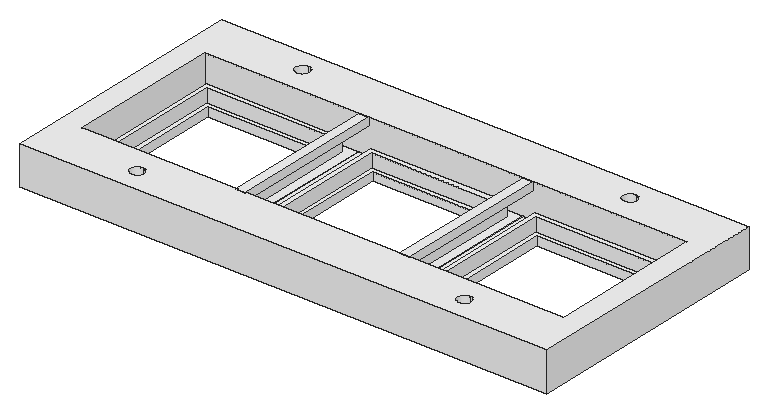
Revit family "Gira_021366", category Electrical Fixtures, host Face, Revit 2017
Family settings
  Host = Face
  Maintain Annotation Orientation = No
  Round Connector Dimension = Use Diameter
  Part Type = Normal
  Cut with Voids When Loaded = No
  Shared = No
  Room Calculation Point = No
Parameters (values of type "Abdeckrahmen 3f Gira TX_44 (WG UP) Reinweiß")
  Werkstoffgüte = "Thermoplast"
  Werkstoff = "Kunststoff"
  URL = "http://katalog.gira.de/de_DE/datenblatt.html?artikelnr=021366"
  Transparent = "No"
  Textfeld/Beschriftungsfläche = "No"
  Schutzart (IP) = "IP44"
  Region = "DE"
  RAL-Nummer (ähnlich) = "9010 "
  Oberfläche = "sonstige"
  Name = "Abdeckrahmen 3f Gira TX_44 (WG UP) Reinweiß"
  Montagerichtung = "horizontal und vertikal"
  Mit Montagerahmen = "No"
  Mit Klappdeckel = "No"
  Manufacturer URL = "https://www.gira.de/"
  Keynote = "TX44_Rahmen_3fach"
  HeinzeBIM = "https://bimportal.heinze.de/bim/abdeckrahmen-3f-gira-tx-44-wg-up-reinweiss/190dc6e14e4f2ee7ac2dabac4c27596cc44a0598"
  Halogenfrei = "No"
  HAN = "021366"
  Geeignet für Unterputz-Installation = "Yes"
  Geeignet für Unterflurkanaldose = "No"
  Geeignet für Geräteeinbaukanal = "No"
  Geeignet für Einbauinstallation = "No"
  GTIN = "4010337213666"
  Farbe = "weiß"
  Default Elevation = 1219.2 mm
  Data sheet (1) = "https://katalog.gira.de/de_DE/download.html?artikelnr=021366"
  Category = "Abdeckrahmen"
  Befestigungsart = "Klemmbefestigung"
  Available = "Yes"
  Anzahl der Einheiten vertikal = "3 "
  Anzahl der Einheiten horizontal = "3 "
  Anzahl der Einheiten = "3 "
Reference planes
  plane 1 "Center (Front/Back)": y = 0
  plane 2: z = 0
  plane 3 "Center (Left/Right)": x = 0
  plane 4: x = -33.75
  plane 5: x = -37.75
  plane 6: x = 114.5
Forms (mm)
  Extrusion 1, solid, material "White", detail levels fine
    sketch origin (-71.591, 0, 0) x (0, -1, 0) y (1, 0, 0)
      loop
        line (-54.959, 186.091) -> (-54.959, -42.909) -> (54.959, -42.909) -> (54.959, 186.091) -> (-54.959, 186.091)
      loop
        line (-33.5, -33.5) -> (33.5, -33.5) -> (33.5, 176.683) -> (-33.5, 176.683) -> (-33.5, -33.5)
      loop
        circle (-45, -0.006) r 3
      loop
        circle (44.992, 0.001) r 3
      loop
        circle (-45, 142.594) r 3
      loop
        circle (44.992, 142.601) r 3
    from 0 to 16.9
  Extrusion 2, solid, material "White", detail levels fine
    sketch origin (-71.591, 0, 0) x (0, -1, 0) y (1, 0, 0)
      loop
        line (-25.5, 25.5) -> (-25.5, -25.5) -> (25.5, -25.5) -> (25.5, 25.5) -> (-25.5, 25.5)
      loop
        line (-33.5, 33.5) -> (-33.5, -33.5) -> (33.5, -33.5) -> (33.5, 33.5) -> (-33.5, 33.5)
    from -1.6 to 2
  Extrusion 3, solid, material "White", detail levels fine
    sketch origin (-71.591, 0, 0) x (0, -1, 0) y (1, 0, 0)
      loop
        line (-27.5, 27.5) -> (-27.5, -27.5) -> (27.5, -27.5) -> (27.5, 27.5) -> (-27.5, 27.5)
      loop
        line (-29.5, 29.5) -> (-29.5, -29.5) -> (29.5, -29.5) -> (29.5, 29.5) -> (-29.5, 29.5)
    from 2 to 7.8
  Extrusion 4, solid, material "White", detail levels coarse+medium
    sketch origin (-71.591, 0, 0) x (0, -1, 0) y (1, 0, 0)
      loop
        line (-54.959, 186.091) -> (-54.959, -42.909) -> (54.959, -42.909) -> (54.959, 186.091) -> (-54.959, 186.091)
    from -1.6 to 16.9
  Extrusion 5, solid, material "White", detail levels fine
    sketch origin (0.091, 0, 0) x (0, -1, 0) y (1, 0, 0)
      loop
        line (-25.5, 25.5) -> (-25.5, -25.5) -> (25.5, -25.5) -> (25.5, 25.5) -> (-25.5, 25.5)
      loop
        line (-33.5, 33.5) -> (-33.5, -33.5) -> (33.5, -33.5) -> (33.5, 33.5) -> (-33.5, 33.5)
    from -1.6 to 2
  Extrusion 6, solid, material "White", detail levels fine
    sketch origin (0.091, 0, 0) x (0, -1, 0) y (1, 0, 0)
      loop
        line (-27.5, 27.5) -> (-27.5, -27.5) -> (27.5, -27.5) -> (27.5, 27.5) -> (-27.5, 27.5)
      loop
        line (-29.5, 29.5) -> (-29.5, -29.5) -> (29.5, -29.5) -> (29.5, 29.5) -> (-29.5, 29.5)
    from 2 to 7.8
  Extrusion 7, solid, material "White", detail levels fine
    sketch origin (-71.591, 0, 0) x (0, -1, 0) y (1, 0, 0)
      loop
        line (-33.5, 38.183) -> (-33.5, 33.5) -> (33.5, 33.5) -> (33.5, 38.183) -> (-33.5, 38.183)
    from 0 to 2
  Extrusion 8, solid, material "White", detail levels fine
    sketch origin (-71.591, 0, 0) x (0, -1, 0) y (1, 0, 0)
      loop
        line (-33.5, 37.841) -> (-33.5, 33.841) -> (33.5, 33.841) -> (33.5, 37.841) -> (-33.5, 37.841)
    from 13.4 to 16.9
  Extrusion 9, solid, material "White", detail levels fine
    sketch origin (71.591, 0, 0) x (0, -1, 0) y (1, 0, 0)
      loop
        line (-25.5, 25.5) -> (-25.5, -25.5) -> (25.5, -25.5) -> (25.5, 25.5) -> (-25.5, 25.5)
      loop
        line (-33.5, 33.5) -> (-33.5, -33.5) -> (33.5, -33.5) -> (33.5, 33.5) -> (-33.5, 33.5)
    from -1.6 to 2
  Extrusion 10, solid, material "White", detail levels fine
    sketch origin (71.591, 0, 0) x (0, -1, 0) y (1, 0, 0)
      loop
        line (-27.5, 27.5) -> (-27.5, -27.5) -> (27.5, -27.5) -> (27.5, 27.5) -> (-27.5, 27.5)
      loop
        line (-29.5, 29.5) -> (-29.5, -29.5) -> (29.5, -29.5) -> (29.5, 29.5) -> (-29.5, 29.5)
    from 2 to 7.8
  Extrusion 11, solid, material "White", detail levels fine
    sketch origin (-0.091, 0, 0) x (0, -1, 0) y (1, 0, 0)
      loop
        line (-33.5, 38.183) -> (-33.5, 33.683) -> (33.5, 33.683) -> (33.5, 38.183) -> (-33.5, 38.183)
    from 0 to 2
  Extrusion 12, solid, material "White", detail levels fine
    sketch origin (-0.091, 0, 0) x (0, -1, 0) y (1, 0, 0)
      loop
        line (-33.5, 37.841) -> (-33.5, 33.841) -> (33.5, 33.841) -> (33.5, 37.841) -> (-33.5, 37.841)
    from 13.4 to 16.9
Dimensions and locks
  aligned and locked: plane 2 to host face
  aligned and locked: level to host face
